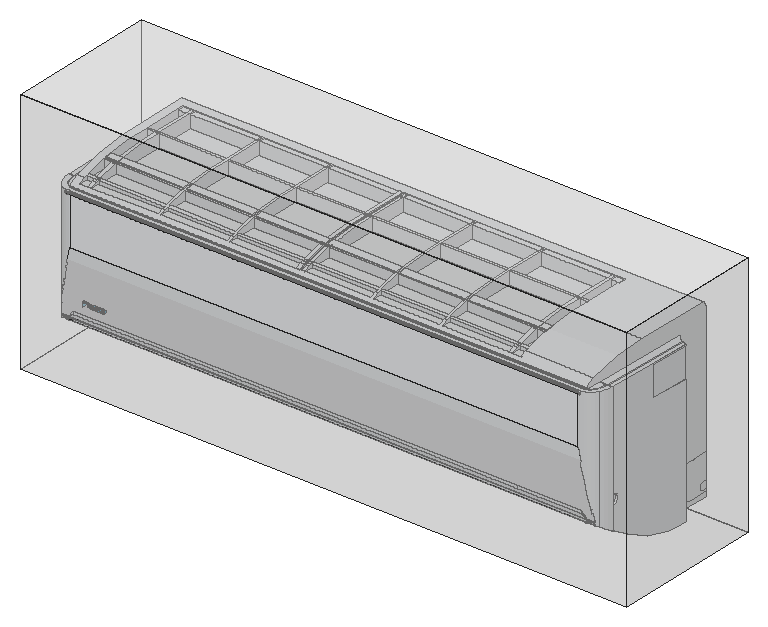
Revit family "outputfile", category 機械設備, Revit 2024
Family settings
  丸型コネクタ寸法 = 半径を使用
  パーツ タイプ = 標準
  OmniClass 番号 = 23.75.10.24.21.27.27
  OmniClass タイトル = Split System Air Conditioning Units
  作業面ベース = いいえ
  常に垂直 = はい
  ロード時にボイドで切り取り = いいえ
  注釈の向きを維持 = いいえ
  共有 = いいえ
  部屋計算ポイント = いいえ
Parameters (values of type "FXAQ32ARVM")
  書き出し IFC クラス(タイプ) = "IfcUnitaryEquipmentType"
  定義済み IFC タイプ(タイプ) = "AIRCONDITIONINGUNIT"
  switch_frequency = yes
  lh_powersupply = 55.0 mm  # constant formula
  製造元 = "Daikin"
  モデル = "FXAQ32ARVM"
  lh_drainpipe = 35.0 mm  # constant formula
  lh_liquidpipe = 40.0 mm  # constant formula
  lh_gaspipe = 20.0 mm  # constant formula
  r_Liquid Pipe Size = Liquid Pipe Size / 2  # 3.2 mm
  r_Gas Pipe Size = Gas Pipe Size / 2  # 6.35 mm
  r_Drain Pipe Size = Drain Pipe Size / 2  # 9.0 mm
  lw_powersupply [instance] = if(or(Left Connection_refrigerant, Right Connection_refrigerant), 464.5 mm, if(or(Bottom Left Connection_refrigerant, Rear Left Connection_refrigerant), 843.0 mm, 58.0 mm))  # 464.5 mm
  lw_liquidpipe [instance] = if(or(Left Connection_refrigerant, Right Connection_refrigerant), 490.0 mm, if(or(Bottom Left Connection_refrigerant, Rear Left Connection_refrigerant), 843.0 mm, 58.0 mm))  # 490.0 mm
  lw_gaspipe [instance] = if(or(Left Connection_refrigerant, Right Connection_refrigerant), 440.0 mm, if(or(Bottom Left Connection_refrigerant, Rear Left Connection_refrigerant), 858.0 mm, 73.0 mm))  # 440.0 mm
  lw_drainpipe [instance] = if(or(Left Connection_refrigerant, Right Connection_refrigerant), 570.0 mm, if(or(Bottom Left Connection_refrigerant, Rear Left Connection_refrigerant), 873.0 mm, 88.0 mm))  # 570.0 mm
  l_powersupply_length [instance] = if(Right Connection_refrigerant, 442.2 mm, if(Left Connection_refrigerant, 442.2 mm, if(or(Rear Left Connection_refrigerant, Rear Right Connection_refrigerant), 15.0 mm, 55.0 mm)))  # 442.2 mm
  l_liquidpipe_length [instance] = if(Left Connection_refrigerant, 416.4 mm, if(Right Connection_refrigerant, 467.4 mm, if(or(Bottom Left Connection_refrigerant, Bottom Right Connection_refrigerant), 40.0 mm, 35.0 mm)))  # 467.4 mm
  l_gaspipe_length [instance] = if(Left Connection_refrigerant, 466.4 mm, if(Right Connection_refrigerant, 417.4 mm, if(or(Bottom Left Connection_refrigerant, Bottom Right Connection_refrigerant), 20.0 mm, 35.0 mm)))  # 417.4 mm
  l_drainpipe_length [instance] = if(Left Connection_refrigerant, 336.7 mm, if(Right Connection_refrigerant, 547.7 mm, if(or(Bottom Left Connection_refrigerant, Bottom Right Connection_refrigerant), 30.0 mm, 15.0 mm)))  # 547.7 mm
  h*** = 0.0 mm  # constant formula
  connector_voltage = Voltage_50Hz  # 220 V
  connector_powerinput = if([Power Input (Cooling)] > [Power Input (Heating)], [Power Input (Cooling)], [Power Input (Heating)])  # 0.026 kW
  connector_phase = Phase_50Hz  # 1
  angle_vertical [instance] = if(or(Bottom Left Connection_refrigerant, Bottom Right Connection_refrigerant), 0.00°, 90.00°)  # 90.00°
  angle_horizontal [instance] = if(Right Connection_refrigerant, 90.00°, if(Left Connection_refrigerant, -90.00°, if(or(Rear Left Connection_refrigerant, Rear Right Connection_refrigerant), 180.00°, 0.00°)))  # 90.00°
  Width = 929.0 mm
  Voltage_comment_60Hz = "220-240"
  Voltage_comment_50Hz = "220-240"
  Voltage_60Hz = 220 V
  Voltage_50Hz = 220 V
  Version = "ver.1.0"
  Unit Type = "Wall Mounted"
  Unit Mass Weight = 13.00 kg
  Unit Designation [instance] = ""
  Uniclass2015Version = "Products v1.30"
  Uniclass2015Title = "Variable refrigerant flow units"
  Uniclass2015Code = "Pr_70_65_03_94"
  Total Heating Capacity [instance] = 0.000 kW
  Total Cooling Capacity [instance] = 0.000 kW
  Sound Pressure Level_L speed (dBA) = 31
  Sound Pressure Level_H speed (dBA) = 38
  Sound Power Level_H speed (dB) = 0
  Series = "VRV Fan Coil Unit"
  Sensible Cooling Capacity [instance] = 0.000 kW
  Refrigerant Type = "R410A"
  Power Input (Heating) = 0.026 kW
  Power Input (Cooling) = 0.021 kW
  Phase_60Hz = 1
  Phase_50Hz = 1
  Option Accessory 3 [instance] = ""
  Option Accessory 2 [instance] = ""
  Option Accessory 1 [instance] = ""
  Nominal Heating Capacity = 4.000 kW
  Nominal Cooling Capacity = 3.600 kW
  Minimum Circuit Amps_60Hz = 0.4 A
  Minimum Circuit Amps_50Hz = 0.4 A
  Minimum Airflow = 330.00 m³/h
  Maximum Fuse Amps_60Hz = 15.0 A
  Maximum Fuse Amps_50Hz = 15.0 A
  Maximum Airflow = 660.00 m³/h
  Material_Casing = DAIKIN_FreshWhite_Casing_indoorunit
  Load Classification = HVAC
  Liquid Pipe Size = 6.4 mm
  Link_Nested Family [instance] = ""
  IfcVersion = ""
  IfcExportType = "AIRCONDITIONINGUNIT"
  IfcExportAs = "IfcUnitaryEquipmentType"
  Height = 298.0 mm
  Heating Entering Wet Bulb Temperature [instance] = 0.00 °C
  Heating Entering Dry Bulb Temperature [instance] = 0.00 °C
  Heating Ambient Wet Bulb Temperature [instance] = 0.00 °C
  Heating Ambient Dry Bulb Temperature [instance] = 0.00 °C
  Heat Exchanger Type = "Cross Fin Coil"
  Gas Pipe Size = 12.7 mm
  Frequency_60Hz = 60 Hz
  Frequency_50Hz = 50 Hz
  Fan Type = "Cross Flow Fan"
  Fan Drive = "Direct Drive"
  FCU Tag No. [instance] = ""
  Drain Pipe Size = 18.0 mm
  Design Supply Airflow [instance] = 0.00 m³/h
  Depth = 258.0 mm
  既定の高さ = 0.0 mm
  Cooling Entering Wet Bulb Temperature [instance] = 0.00 °C
  Cooling Entering Dry Bulb Temperature [instance] = 0.00 °C
  Cooling Ambient Wet Bulb Temperature [instance] = 0.00 °C
  Cooling Ambient Dry Bulb Temperature [instance] = 0.00 °C
  Clearance visibility [instance] = yes
  Clearance Top = 90.0 mm
  Clearance Right = 50.0 mm
  Clearance Rear = 0.0 mm
  Clearance Left = 50.0 mm
  Clearance Front = 0.0 mm
  Clearance Bottom = 30.0 mm
  Bottom Right Connection_refrigerant [instance] = no
  Bottom Left Connection_refrigerant [instance] = no
  Rear Right Connection_refrigerant [instance] = no
  Rear Left Connection_refrigerant [instance] = no
  Right Connection_refrigerant [instance] = yes
  Left Connection_refrigerant [instance] = no
Reference planes
  plane 1 "Back": y = 0
  plane 2: z = 0
  plane 3 "Center (Left/Right)": x = 0
  plane 4 "Center (Front/Back)": y = -119
  plane 5: y = -238
  plane 6 "Left": x = -464.5
  plane 7 "Right": x = 464.5
  plane 8 "Top": z = 0
  plane 9: x = -514.5
  plane 10: x = 514.5
  plane 11: z = 90
  plane 12 "ld_drainpipe": y = -15
  plane 13: z = -284.5
  plane 14: z = -269.5
  plane 15: z = -251
  plane 16 "Clearance Bottom": z = -328
  plane 17: x = -105.5
  plane 18: x = -25.5
  plane 19: x = 24.5
  plane 20: x = 0
  plane 21 "Height": z = -298
  plane 22 "Front": y = -258
  plane 23: y = -35
  plane 24: y = -258
  plane 25: y = 0
Dimensions and locks
  equal spacing: plane 6 "Left", plane 3 "Center (Left/Right)", plane 7 "Right"
  "Width": plane 6 "Left" to plane 7 "Right"
  locked: plane 12 "ld_drainpipe" to plane 1 "Back" at 15
  "Clearance Left": plane 9 to plane 6 "Left"
  "Clearance Right": plane 7 "Right" to plane 10
  "Height": plane 8 "Top" to plane 21 "Height"
  "Depth": plane 22 "Front" to plane 1 "Back"
  locked: plane 23 to plane 1 "Back" at 35
  "lw_powersupply": plane 20 to plane 7 "Right"
  "lw_liquidpipe": plane 18 to plane 7 "Right"
  "lw_drainpipe": plane 17 to plane 7 "Right"
  "lw_gaspipe": plane 19 to plane 7 "Right"
  "Clearance Front": plane 22 "Front" to plane 24
  "Clearance Rear": plane 25 to plane 1 "Back"
  "Clearance Bottom": plane 21 "Height" to plane 16 "Clearance Bottom"
  "Clearance Top": plane 11 to plane 8 "Top"
  aligned and locked: level to plane 2
  aligned and locked: plane 9 to nested 1
  aligned and locked: plane 10 to nested 1
  aligned and locked: plane 11 to nested 1
  aligned and locked: nested 5 to plane 12 "ld_drainpipe"
  aligned and locked: level to plane 8 "Top"
  aligned and locked: plane 16 "Clearance Bottom" to nested 1
  aligned and locked: plane 17 to nested 4
  aligned and locked: plane 18 to nested 3
  aligned and locked: plane 19 to nested 2
  aligned and locked: plane 20 to nested 5
  aligned and locked: nested 2 to plane 23
  aligned and locked: nested 4 to plane 12 "ld_drainpipe"
  aligned and locked: nested 3 to plane 23
  aligned and locked: plane 24 to nested 1
  aligned and locked: nested 1 to plane 25
  aligned and locked: plane 1 "Back" to nested 6
  aligned and locked: plane 3 "Center (Left/Right)" to nested 6
Nested families
  nested 1: "daikin_clearancespace" at (0, -129, -118.881), show <- "Clearance visibility", visible <- "Clearance visibility", Link_Nested Family <- "Link_Nested Family", type "daikin_clearancespace"
    with width 1029.0 mm, show yes, height 418.0 mm, depth 258.0 mm, Link_Nested Family ""
  nested 2: "daikin_connector_rotate3" at (24.5, -35, -278), angle_vertical <- "angle_vertical", angle_horizontal <- "angle_horizontal", length <- "l_gaspipe_length", radius <- "r_Gas Pipe Size", built-in parameter 1001364 <- "lh_gaspipe", type "daikin_connector_rotate3"
    with show no, radius 6.35 mm, length 417.4 mm, angle_vertical 90.00°, angle_horizontal 90.00°
  nested 3: "daikin_connector_rotate3" at (-25.5, -35, -258), angle_vertical <- "angle_vertical", angle_horizontal <- "angle_horizontal", radius <- "r_Liquid Pipe Size", length <- "l_liquidpipe_length", built-in parameter 1001364 <- "lh_liquidpipe", type "daikin_connector_rotate3"
    with show no, radius 3.2 mm, length 467.4 mm, angle_vertical 90.00°, angle_horizontal 90.00°
  nested 4: "daikin_connector_rotate3" at (-105.5, -15, -263), angle_vertical <- "angle_vertical", angle_horizontal <- "angle_horizontal", length <- "l_drainpipe_length", radius <- "r_Drain Pipe Size", built-in parameter 1001364 <- "lh_drainpipe", type "daikin_connector_rotate3"
    with show no, radius 9.0 mm, length 547.7 mm, angle_vertical 90.00°, angle_horizontal 90.00°
  nested 5: "daikin_connector_rotate3" at (0, -15, -243), angle_vertical <- "angle_vertical", angle_horizontal <- "angle_horizontal", length <- "l_powersupply_length", built-in parameter 1001364 <- "lh_powersupply", type "daikin_connector_rotate3"
    with show no, radius 10.0 mm, length 442.2 mm, angle_vertical 90.00°, angle_horizontal 90.00°
  nested 6: "FXAQ-ARVM" at (0, 0, 0), type "FXAQ-ARVM"
Connectors
  electrical at (442.2, -15, -243), driven by "Load Classification", driven by "connector_voltage", driven by "connector_powerinput", driven by "connector_phase"
    settings: on nested 5, index 1, voltage 220 V, apparent load 26 VA, apparent load phase1 0 VA, apparent load phase2 0 VA, apparent load phase3 0 VA, power factor 1, load classification "HVAC", number of poles 1, system type 30, power factor state 1, is connector primary yes, connector utility no, sub classification motor no, connector description "Power Supply"
  piping at (442.2, -15, -263), diameter 18, driven by "r_Drain Pipe Size"
    settings: on nested 4, index 2, connector inside diameter 609.6 mm, connector length 0.0 mm, flow factor 0, pipe flow 0.00 m³/h, pressure drop 0.0 Pa, fitting loss kfactor 0, connector angle 0.00°, fixture units 0, engagement length 0.0 mm, angle of deflection 0.00°, flow configuration 1, flow direction 2, fitting loss method 4, system type 16, joint type 0, gender type 0, connector reference index -1, connector utility 0, adjustable connector no, is connector primary yes, connector description "Condensate Drain Piping"
  piping at (441.9, -35, -278), diameter 12.7, driven by "r_Gas Pipe Size"
    settings: on nested 2, index 3, connector inside diameter 609.6 mm, connector length 0.0 mm, flow factor 0, pipe flow 0.00 m³/h, pressure drop 0.0 Pa, fitting loss kfactor 0, connector angle 0.00°, fixture units 0, engagement length 0.0 mm, angle of deflection 0.00°, flow configuration 1, flow direction 2, fitting loss method 0, system type 29, joint type 0, gender type 0, connector reference index -1, connector utility 0, adjustable connector no, is connector primary no, connector description "Refrigerant Gas Piping"
  piping at (441.9, -35, -258), diameter 6.4, driven by "r_Liquid Pipe Size"
    settings: on nested 3, index 4, connector inside diameter 609.6 mm, connector length 0.0 mm, flow factor 0, pipe flow 0.00 m³/h, pressure drop 0.0 Pa, fitting loss kfactor 0, connector angle 0.00°, fixture units 0, engagement length 0.0 mm, angle of deflection 0.00°, flow configuration 1, flow direction 1, fitting loss method 0, system type 29, joint type 0, gender type 0, connector reference index -1, connector utility 0, adjustable connector no, is connector primary no, connector description "Refrigerant Liquid Piping"
Definition of nested family "daikin_clearancespace"
  Parameters (values of type "daikin_clearancespace")
    Description = "daikin_clearancespace"
    width [instance] = 1823.963 mm
    show [instance] = yes
    material = none
    height [instance] = 1359.762 mm
    depth [instance] = 880.0 mm
    Default Elevation = 0.0 mm
    Link_Nested Family [instance] = ""
  Reference planes
    plane 1 "Center (Front/Back)": y = 0
    plane 2 "Center (Elevation)": z = -0.119
    plane 3 "Center (Left/Right)": x = 0
    plane 4: y = 440
    plane 5: y = -440
    plane 6 "Right": x = 911.982
    plane 7 "Left": x = -911.982
    plane 8 "Top": z = 679.762
    plane 9 "Bottom": z = -680
  Forms (mm)
    Extrusion 1, solid, material <- "material", visible <- "show"
      sketch origin (0, 0, 0) x (1, 0, 0) y (0, 1, 0)
        loop
          line (-911.982, 440) -> (-911.982, -440) -> (911.982, -440) -> (911.982, 440) -> (-911.982, 440)
      from -680 to 679.762
  Lines and regions (mm)
    symbolic lines, visible <- "show"
      curve 1: line (911.982, 440, 0) -> (-911.982, 440, 0)
      curve 2: line (-911.982, 440, 0) -> (-911.982, -440, 0)
      curve 3: line (-911.982, -440, 0) -> (911.982, -440, 0)
      curve 4: line (911.982, -440, 0) -> (911.982, 440, 0)
      curve 5: line (911.982, 0, 679.762) -> (-911.982, 0, 679.762)
      curve 6: line (911.982, 0, -680) -> (911.982, 0, 679.762)
      curve 7: line (-911.982, 0, -680) -> (911.982, 0, -680)
      curve 8: line (-911.982, 0, 679.762) -> (-911.982, 0, -680)
      curve 9: line (0, 440, 679.762) -> (0, -440, 679.762)
      curve 10: line (0, -440, 679.762) -> (0, -440, -680)
      curve 11: line (0, 440, -680) -> (0, 440, 679.762)
      curve 12: line (0, -440, -680) -> (0, 440, -680)
  Dimensions and locks
    "width": plane 7 "Left" to plane 6 "Right"
    "depth": plane 4 to plane 5
    "height": plane 8 "Top" to plane 9 "Bottom"
    equal spacing: plane 7 "Left", plane 3 "Center (Left/Right)", plane 6 "Right"
    equal spacing: plane 4, plane 1 "Center (Front/Back)", plane 5
    equal spacing: plane 8 "Top", plane 2 "Center (Elevation)", plane 9 "Bottom"
    aligned and locked: level to plane 2 "Center (Elevation)"
    aligned and locked: Extrusion 1 sketch curve to plane 4
    aligned and locked: plane 7 "Left" to Extrusion 1 sketch curve
    aligned and locked: Extrusion 1 sketch curve to plane 5
    aligned and locked: Extrusion 1 sketch curve to plane 6 "Right"
    aligned and locked: plane 8 "Top" to Extrusion 1
    aligned and locked: curve 1 to Extrusion 1
    aligned and locked: curve 2 to Extrusion 1
    aligned and locked: curve 3 to Extrusion 1
    aligned and locked: curve 4 to Extrusion 1
    aligned and locked: curve 5 to Extrusion 1
    aligned and locked: curve 6 to Extrusion 1
    aligned and locked: curve 7 to Extrusion 1
    aligned and locked: curve 8 to Extrusion 1
    aligned and locked: curve 9 to Extrusion 1
    aligned and locked: curve 10 to Extrusion 1
    aligned and locked: curve 11 to Extrusion 1
    aligned and locked: curve 12 to Extrusion 1
    aligned and locked: Extrusion 1 to plane 9 "Bottom"
Definition of nested family "FXAQ-ARVM"
  Parameters (values of type "FXAQ-ARVM")
    Width = 929.0 mm
    Material_Casing = none
    Default Elevation = 0.0 mm
  Reference planes
    plane 1 "Center (Front/Back)": y = 0
    plane 2 "reference_level": z = 0
    plane 3 "Center (Left/Right)": x = 0
  Forms (mm)
    Extrusion 1, solid, material <- "Material_Casing"
      sketch origin (37.5, 0, 0) x (1, 0, 0) y (0, 0, 1)
        loop
          circle (357, -249) r 40
        loop
          circle (-428, -250) r 40
      from 0 to 5
    Extrusion 2, solid, material <- "Material_Casing"
      sketch origin (-525, 1296.25, 1200) x (0, 1, 0) y (0, 0, 1)
        loop
          line (-1542.822, -1430.612) -> (-1517.25, -1446.105) -> (-1517.25, -1228.309)
          arc (-1517.25, -1228.309) -> (-1517.546, -1227.599) -> (-1518.259, -1227.309) r 1
          line (-1518.259, -1227.309) -> (-1553.177, -1227.614)
          arc (-1553.177, -1227.614) -> (-1553.593, -1227.787) -> (-1553.771, -1228.201) r 0.6
          line (-1553.771, -1228.201) -> (-1553.814, -1230.3) -> (-1552.816, -1230.309) -> (-1552.852, -1232.291) -> (-1554.25, -1232.303) -> (-1554.25, -1313.777)
          arc (-1554.25, -1313.777) -> (-1551.733, -1369.498) -> (-1544.203, -1424.766) r 618.013
          line (-1544.203, -1424.766) -> (-1543.119, -1425.138) -> (-1542.798, -1426.992) -> (-1543.814, -1426.992) -> (-1543.288, -1429.932)
          arc (-1543.288, -1429.932) -> (-1543.128, -1430.322) -> (-1542.822, -1430.612) r 1
      from 60.5 to 989.5
    Extrusion 3, void
      sketch origin (-525, 1296.25, 1200) x (0, 1, 0) y (0, 0, 1)
        loop
          arc (-1489.957, -1468.485) -> (-1468.343, -1480.342) -> (-1445.644, -1489.96) r 244.307
          arc (-1445.644, -1489.96) -> (-1423.667, -1496.837) -> (-1401.141, -1501.621) r 244.995
          arc (-1401.141, -1501.621) -> (-1397.468, -1502.156) -> (-1393.777, -1502.56) r 104.996
          line (-1393.777, -1502.56) -> (-1391.536, -1481.238)
          arc (-1391.536, -1481.238) -> (-1392.885, -1481.047) -> (-1394.231, -1480.837) r 94.996
          arc (-1394.231, -1480.837) -> (-1415.837, -1476.248) -> (-1436.917, -1469.651) r 234.995
          arc (-1436.917, -1469.651) -> (-1458.423, -1460.555) -> (-1478.917, -1449.363) r 234.307
          line (-1478.917, -1449.363) -> (-1489.957, -1468.485)
      from 129 to 821
    Extrusion 4, void
      sketch origin (-610.615, -1524, -240) x (-1, 0, 0) y (0, -1, 0)
        loop
          line (-317.415, -1501.5) -> (-184.115, -1501.5) -> (-184.115, -1427.5) -> (-317.415, -1427.5) -> (-317.415, -1501.5)
        loop
          line (-434.415, -1501.5) -> (-321.415, -1501.5) -> (-321.415, -1427.5) -> (-434.415, -1427.5) -> (-434.415, -1501.5)
        loop
          line (-557.415, -1501.5) -> (-438.415, -1501.5) -> (-438.415, -1427.5) -> (-557.415, -1427.5) -> (-557.415, -1501.5)
        loop
          line (-678.815, -1501.5) -> (-559.815, -1501.5) -> (-559.815, -1427.5) -> (-678.815, -1427.5) -> (-678.815, -1501.5)
        loop
          line (-795.815, -1501.5) -> (-682.815, -1501.5) -> (-682.815, -1427.5) -> (-795.815, -1427.5) -> (-795.815, -1501.5)
        loop
          line (-933.115, -1501.5) -> (-799.815, -1501.5) -> (-799.815, -1427.5) -> (-933.115, -1427.5) -> (-933.115, -1501.5)
        loop
          line (-317.415, -1423.5) -> (-184.115, -1423.5) -> (-184.115, -1336.5) -> (-317.415, -1336.5) -> (-317.415, -1423.5)
        loop
          line (-434.415, -1423.5) -> (-321.415, -1423.5) -> (-321.415, -1336.5) -> (-434.415, -1336.5) -> (-434.415, -1423.5)
        loop
          line (-557.415, -1423.5) -> (-438.415, -1423.5) -> (-438.415, -1336.5) -> (-557.415, -1336.5) -> (-557.415, -1423.5)
        loop
          line (-678.815, -1423.5) -> (-559.815, -1423.5) -> (-559.815, -1336.5) -> (-678.815, -1336.5) -> (-678.815, -1423.5)
        loop
          line (-795.815, -1423.5) -> (-682.815, -1423.5) -> (-682.815, -1336.5) -> (-795.815, -1336.5) -> (-795.815, -1423.5)
        loop
          line (-933.115, -1423.5) -> (-799.815, -1423.5) -> (-799.815, -1336.5) -> (-933.115, -1336.5) -> (-933.115, -1423.5)
        loop
          line (-317.415, -1332.5) -> (-184.115, -1332.5) -> (-184.115, -1300.5) -> (-317.415, -1300.5) -> (-317.415, -1332.5)
        loop
          line (-434.415, -1332.5) -> (-321.415, -1332.5) -> (-321.415, -1300.5) -> (-434.415, -1300.5) -> (-434.415, -1332.5)
        loop
          line (-557.415, -1332.5) -> (-438.415, -1332.5) -> (-438.415, -1300.5) -> (-557.415, -1300.5) -> (-557.415, -1332.5)
        loop
          line (-678.815, -1332.5) -> (-559.815, -1332.5) -> (-559.815, -1300.5) -> (-678.815, -1300.5) -> (-678.815, -1332.5)
        loop
          line (-795.815, -1332.5) -> (-682.815, -1332.5) -> (-682.815, -1300.5) -> (-795.815, -1300.5) -> (-795.815, -1332.5)
        loop
          line (-933.115, -1332.5) -> (-799.815, -1332.5) -> (-799.815, -1300.5) -> (-933.115, -1300.5) -> (-933.115, -1332.5)
        loop
          line (-317.415, -1296.5) -> (-184.115, -1296.5) -> (-184.115, -1273.985) -> (-317.415, -1273.985) -> (-317.415, -1296.5)
        loop
          line (-434.415, -1296.5) -> (-321.415, -1296.5) -> (-321.415, -1273.985) -> (-434.415, -1273.985) -> (-434.415, -1296.5)
        loop
          line (-557.415, -1296.5) -> (-438.415, -1296.5) -> (-438.415, -1273.985) -> (-557.415, -1273.985) -> (-557.415, -1296.5)
        loop
          line (-678.815, -1296.5) -> (-559.815, -1296.5) -> (-559.815, -1273.985) -> (-678.815, -1273.985) -> (-678.815, -1296.5)
        loop
          line (-795.815, -1296.5) -> (-682.815, -1296.5) -> (-682.815, -1273.985) -> (-795.815, -1273.985) -> (-795.815, -1296.5)
        loop
          line (-933.115, -1296.5) -> (-799.815, -1296.5) -> (-799.815, -1273.985) -> (-933.115, -1273.985) -> (-933.115, -1296.5)
      from 218.718 to 250
    Extrusion 5, solid, material <- "Material_Casing"
      sketch origin (31, 0, 0) x (0, 1, 0) y (0, 0, 1)
        loop
          arc (-133, 0) -> (-183.089, -4.257) -> (-231.74, -16.907) r 296.792
          arc (-231.74, -16.907) -> (-240.035, -20.716) -> (-247.498, -25.97) r 50
          line (-247.498, -25.97) -> (-247.498, -27.531) -> (-221, -27.3) -> (-221, -28.237) -> (-220, -28.237) -> (-220, -245.585)
          arc (-220, -245.585) -> (-219.743, -246.566) -> (-219.036, -247.295) r 2
          line (-219.036, -247.295) -> (-215.453, -249.466) -> (-189.599, -265.136)
          arc (-189.599, -265.136) -> (-169.128, -276.22) -> (-147.677, -285.263) r 239.307
          arc (-147.677, -285.263) -> (-126.149, -292) -> (-104.083, -296.687) r 239.995
          arc (-104.083, -296.687) -> (-96.033, -297.671) -> (-87.93, -298) r 99.996
          line (-87.93, -298) -> (0, -298) -> (0, -8.5) -> (-5, 0) -> (-133, 0)
      from -495.5 to 433.5
    Extrusion 6, void
      sketch origin (0, 0, 0) x (1, 0, 0) y (0, 1, 0)
        loop
          arc (-464.5, -69.996) -> (-451.865, -64.288) -> (-441.567, -55.003) r 45.003
          line (-441.567, -55.003) -> (-442.5, 0) -> (-464.5, 0) -> (-464.5, -69.996)
        loop
          line (464.5, -69.996) -> (464.5, 0) -> (442.5, 0) -> (441.567, -55.003)
          arc (441.567, -55.003) -> (451.865, -64.288) -> (464.5, -69.996) r 45.003
      from -350.147 to 42.558
    Extrusion 7, solid, material <- "Material_Casing"
      sketch origin (464.482, 1296.064, 1192) x (-0.016958, -0.999856, 0) y (0, 0, 1)
        loop
          line (1326.25, -1422) -> (1296.25, -1422) -> (1296.25, -1465) -> (1302.753, -1465)
          spline (1302.753, -1465) -> (1304.435, -1465.221) -> (1306.003, -1465.871) -> (1307.349, -1466.904) -> (1308.382, -1468.25) -> (1309.031, -1469.818) -> (1309.252, -1471.5) -> (1309.031, -1473.182) -> (1308.382, -1474.75) -> (1307.349, -1476.096) -> (1306.003, -1477.129) -> (1304.435, -1477.779) -> (1302.753, -1478)
          line (1302.753, -1478) -> (1296.25, -1478) -> (1296.25, -1482) -> (1326.25, -1482)
          arc (1326.25, -1482) -> (1340.393, -1476.142) -> (1346.25, -1462) r 20
          line (1346.25, -1462) -> (1346.25, -1442)
          arc (1346.25, -1442) -> (1340.393, -1427.858) -> (1326.25, -1422) r 20
      from 0 to 5
    Extrusion 8, solid, material <- "Material_Casing"
      sketch origin (-464.482, 1296.064, 1192) x (-0.016958, 0.999856, 0) y (0, 0, 1)
        loop
          line (-1296.25, -1422) -> (-1326.25, -1422)
          arc (-1326.25, -1422) -> (-1340.393, -1427.858) -> (-1346.25, -1442) r 20
          line (-1346.25, -1442) -> (-1346.25, -1462)
          arc (-1346.25, -1462) -> (-1340.393, -1476.142) -> (-1326.25, -1482) r 20
          line (-1326.25, -1482) -> (-1296.25, -1482) -> (-1296.25, -1478) -> (-1302.753, -1478)
          spline (-1302.753, -1478) -> (-1304.435, -1477.779) -> (-1306.003, -1477.129) -> (-1307.349, -1476.096) -> (-1308.382, -1474.75) -> (-1309.031, -1473.182) -> (-1309.252, -1471.5) -> (-1309.031, -1469.818) -> (-1308.382, -1468.25) -> (-1307.349, -1466.904) -> (-1306.003, -1465.871) -> (-1304.435, -1465.221) -> (-1302.753, -1465)
          line (-1302.753, -1465) -> (-1296.25, -1465) -> (-1296.25, -1422)
      from 0 to 5
    Extrusion 9, void
      sketch origin (0, 0, 0) x (1, 0, 0) y (0, 1, 0)
        loop
          arc (451.583, -220.532) -> (450.652, -229.688) -> (447.774, -238.43) r 42.574
          arc (447.774, -238.43) -> (440.881, -246.096) -> (430.995, -249.015) r 18.939
          line (430.995, -249.015) -> (322.5, -249.015) -> (-430.995, -249.015)
          arc (-430.995, -249.015) -> (-440.881, -246.096) -> (-447.774, -238.43) r 18.939
          arc (-447.774, -238.43) -> (-450.652, -229.688) -> (-451.583, -220.532) r 42.574
          line (-451.583, -220.532) -> (-455.638, -65.672)
          arc (-455.638, -65.672) -> (-456.13, -65.926) -> (-456.626, -66.174) r 45.003
          line (-456.626, -66.174) -> (-452.526, -222.254)
          arc (-452.526, -222.254) -> (-451.441, -230.753) -> (-448.676, -238.863) r 42.58
          arc (-448.676, -238.863) -> (-441.392, -246.902) -> (-431, -250.015) r 20.209
          line (-431, -250.015) -> (431, -250.015)
          arc (431, -250.015) -> (441.392, -246.902) -> (448.676, -238.863) r 20.209
          arc (448.676, -238.863) -> (451.441, -230.753) -> (452.539, -222.254) r 42.58
          line (452.539, -222.254) -> (456.626, -66.151)
          arc (456.626, -66.151) -> (456.131, -65.903) -> (455.639, -65.649) r 45.003
          line (455.639, -65.649) -> (451.583, -220.532)
      from -514.227 to 32.749
    Extrusion 10, void
      sketch origin (0, 0, 0) x (1, 0, 0) y (0, 1, 0)
        loop
          arc (-430.764, -258.014) -> (-445.174, -254.026) -> (-455.485, -243.197) r 28.031
          arc (-455.485, -243.197) -> (-459.127, -232.113) -> (-460.561, -220.535) r 60.175
          line (-460.561, -220.535) -> (-464.5, -69.996) -> (-499.5, -69.996) -> (-499.5, -354.996) -> (499.5, -354.996) -> (499.5, -69.996) -> (464.5, -69.996) -> (460.598, -220.541)
          arc (460.598, -220.541) -> (459.601, -231.543) -> (456.08, -242.014) r 47.329
          arc (456.08, -242.014) -> (445.774, -253.677) -> (430.826, -258.014) r 27.93
          line (430.826, -258.014) -> (-430.764, -258.014)
      from -1033.399 to 0
    Extrusion 11, void
      sketch origin (0, 0, 0) x (1, 0, 0) y (0, 1, 0)
        loop
          arc (-455.485, -243.197) -> (-459.291, -232.263) -> (-460.562, -220.754) r 51.556
          line (-460.562, -220.754) -> (-492.49, -141.73) -> (-492.49, -316.73) -> (492.49, -316.73) -> (492.49, -141.73) -> (460.599, -220.663)
          arc (460.599, -220.663) -> (459.482, -231.58) -> (456.08, -242.014) r 51.576
          arc (456.08, -242.014) -> (445.844, -253.621) -> (431, -258) r 27.939
          line (431, -258) -> (-431, -258)
          arc (-431, -258) -> (-445.281, -253.971) -> (-455.485, -243.197) r 27.939
      from -354.312 to 0
    Extrusion 12, void
      sketch origin (0, 0, 0) x (1, 0, 0) y (0, 1, 0)
        loop
          line (435.004, -431) -> (510.5, -431) -> (510.5, 78.522) -> (443.898, 78.522) -> (435.004, -431)
      from -28.941 to 250
    Extrusion 13, void
      sketch origin (0, 0, 0) x (1, 0, 0) y (0, 1, 0)
        loop
          line (-438.024, -258) -> (-442.527, 0) -> (-469.5, 0) -> (-469.5, -258) -> (-438.024, -258)
      from -27.788 to 250
    Extrusion 14, solid, material <- "Material_Casing"
      sketch origin (31, 0, 0) x (0, 1, 0) y (0, 0, 1)
        loop
          arc (-175.5, -3.059) -> (-181.51, -3.991) -> (-187.5, -5.047) r 296.792
          line (-187.5, -5.047) -> (-187.5, -28.237) -> (-175.5, -28.237) -> (-175.5, -3.059)
        loop
          line (-33.5, 0) -> (-33.5, -28.237) -> (-22.5, -28.237) -> (-22.5, 0) -> (-33.5, 0)
      from -457.5 to -324.2
    Extrusion 15, solid, material <- "Material_Casing"
      sketch origin (384, 0, 0) x (0, 1, 0) y (0, 0, 1)
        loop
          arc (-175.5, -3.059) -> (-181.51, -3.991) -> (-187.5, -5.047) r 296.792
          line (-187.5, -5.047) -> (-187.5, -28.237) -> (-175.5, -28.237) -> (-175.5, -3.059)
        loop
          line (-33.5, 0) -> (-33.5, -28.237) -> (-22.5, -28.237) -> (-22.5, 0) -> (-33.5, 0)
      from -556.2 to -437.2
    Extrusion 16, solid, material <- "Material_Casing"
      sketch origin (392.4, 0, 0) x (0, 1, 0) y (0, 0, 1)
        loop
          arc (-175.5, -3.059) -> (-181.51, -3.991) -> (-187.5, -5.047) r 296.792
          line (-187.5, -5.047) -> (-187.5, -28.237) -> (-175.5, -28.237) -> (-175.5, -3.059)
        loop
          line (-33.5, 0) -> (-33.5, -28.237) -> (-22.5, -28.237) -> (-22.5, 0) -> (-33.5, 0)
      from -443.2 to -324.2
    Extrusion 17, solid, material <- "Material_Casing"
      sketch origin (745.4, 0, 0) x (0, 1, 0) y (0, 0, 1)
        loop
          arc (-175.5, -3.059) -> (-181.51, -3.991) -> (-187.5, -5.047) r 296.792
          line (-187.5, -5.047) -> (-187.5, -28.237) -> (-175.5, -28.237) -> (-175.5, -3.059)
        loop
          line (-33.5, 0) -> (-33.5, -28.237) -> (-22.5, -28.237) -> (-22.5, 0) -> (-33.5, 0)
      from -556.2 to -422.9
    Extrusion 18, solid, material <- "Material_Casing"
      sketch origin (628.4, 0, 0) x (0, 1, 0) y (0, 0, 1)
        loop
          arc (-175.5, -3.059) -> (-181.51, -3.991) -> (-187.5, -5.047) r 296.792
          line (-187.5, -5.047) -> (-187.5, -28.237) -> (-175.5, -28.237) -> (-175.5, -3.059)
        loop
          line (-33.5, 0) -> (-33.5, -28.237) -> (-22.5, -28.237) -> (-22.5, 0) -> (-33.5, 0)
      from -556.2 to -443.2
    Extrusion 19, solid, material <- "Material_Casing"
      sketch origin (267, 0, 0) x (0, 1, 0) y (0, 0, 1)
        loop
          arc (-175.5, -3.059) -> (-181.51, -3.991) -> (-187.5, -5.047) r 296.792
          line (-187.5, -5.047) -> (-187.5, -28.237) -> (-175.5, -28.237) -> (-175.5, -3.059)
        loop
          line (-33.5, 0) -> (-33.5, -28.237) -> (-22.5, -28.237) -> (-22.5, 0) -> (-33.5, 0)
      from -556.2 to -443.2
    Extrusion 20, solid, material <- "Material_Casing"
      sketch origin (31, 0, 0) x (0, 1, 0) y (0, 0, 1)
        loop
          line (-22.5, 0) -> (-96.5, 0) -> (-96.5, -27.3) -> (-22.5, -27.3) -> (-22.5, 0)
        loop
          spline (-133.001, 0) -> (-137.568, -0.035) -> (-142.135, -0.141) -> (-146.699, -0.316) -> (-151.259, -0.562) -> (-155.816, -0.878) -> (-160.367, -1.264) -> (-164.912, -1.721) -> (-169.449, -2.247) -> (-173.977, -2.842) -> (-178.496, -3.508) -> (-183.004, -4.243) -> (-187.5, -5.047)
          line (-187.5, -5.047) -> (-187.5, -27.3) -> (-100.5, -27.3) -> (-100.5, 0) -> (-133.001, 0)
        loop
          line (-223.5, -14.134) -> (-223.5, -27.3) -> (-191.5, -27.3) -> (-191.5, -5.822)
          spline (-191.5, -5.822) -> (-194.2, -6.378) -> (-196.895, -6.959) -> (-199.584, -7.565) -> (-202.267, -8.196) -> (-204.945, -8.852) -> (-207.616, -9.532) -> (-210.281, -10.238) -> (-212.939, -10.968) -> (-215.59, -11.723) -> (-218.234, -12.502) -> (-220.871, -13.306) -> (-223.5, -14.134)
        loop
          spline (-227.5, -15.446) -> (-227.854, -15.565) -> (-228.208, -15.685) -> (-228.562, -15.805) -> (-228.916, -15.926) -> (-229.269, -16.047) -> (-229.623, -16.168) -> (-229.976, -16.29) -> (-230.329, -16.412) -> (-230.682, -16.535) -> (-231.035, -16.658) -> (-231.387, -16.782) -> (-231.74, -16.906)
          arc (-231.74, -16.906) -> (-236.479, -18.856) -> (-240.994, -21.282) r 50
          line (-240.994, -21.282) -> (-227.5, -21.282) -> (-227.5, -15.446)
      from -443.2 to -437.2
    Extrusion 21, solid, material <- "Material_Casing"
      sketch origin (384, 0, 0) x (0, 1, 0) y (0, 0, 1)
        loop
          line (-22.5, 0) -> (-96.5, 0) -> (-96.5, -27.3) -> (-22.5, -27.3) -> (-22.5, 0)
        loop
          spline (-133.001, 0) -> (-137.568, -0.035) -> (-142.135, -0.141) -> (-146.699, -0.316) -> (-151.259, -0.562) -> (-155.816, -0.878) -> (-160.367, -1.264) -> (-164.912, -1.721) -> (-169.449, -2.247) -> (-173.977, -2.842) -> (-178.496, -3.508) -> (-183.004, -4.243) -> (-187.5, -5.047)
          line (-187.5, -5.047) -> (-187.5, -27.3) -> (-100.5, -27.3) -> (-100.5, 0) -> (-133.001, 0)
        loop
          line (-223.5, -14.134) -> (-223.5, -27.3) -> (-191.5, -27.3) -> (-191.5, -5.822)
          spline (-191.5, -5.822) -> (-194.2, -6.378) -> (-196.895, -6.959) -> (-199.584, -7.565) -> (-202.267, -8.196) -> (-204.945, -8.852) -> (-207.616, -9.532) -> (-210.281, -10.238) -> (-212.939, -10.968) -> (-215.59, -11.723) -> (-218.234, -12.502) -> (-220.871, -13.306) -> (-223.5, -14.134)
        loop
          spline (-227.5, -15.446) -> (-227.854, -15.565) -> (-228.208, -15.685) -> (-228.562, -15.805) -> (-228.916, -15.926) -> (-229.269, -16.047) -> (-229.623, -16.168) -> (-229.976, -16.29) -> (-230.329, -16.412) -> (-230.682, -16.535) -> (-231.035, -16.658) -> (-231.387, -16.782) -> (-231.74, -16.906)
          arc (-231.74, -16.906) -> (-236.479, -18.856) -> (-240.994, -21.282) r 50
          line (-240.994, -21.282) -> (-227.5, -21.282) -> (-227.5, -15.446)
      from -443.2 to -437.2
    Extrusion 22, solid, material <- "Material_Casing"
      sketch origin (392.4, 0, 0) x (0, 1, 0) y (0, 0, 1)
        loop
          line (-22.5, 0) -> (-96.5, 0) -> (-96.5, -27.3) -> (-22.5, -27.3) -> (-22.5, 0)
        loop
          spline (-133.001, 0) -> (-137.568, -0.035) -> (-142.135, -0.141) -> (-146.699, -0.316) -> (-151.259, -0.562) -> (-155.816, -0.878) -> (-160.367, -1.264) -> (-164.912, -1.721) -> (-169.449, -2.247) -> (-173.977, -2.842) -> (-178.496, -3.508) -> (-183.004, -4.243) -> (-187.5, -5.047)
          line (-187.5, -5.047) -> (-187.5, -27.3) -> (-100.5, -27.3) -> (-100.5, 0) -> (-133.001, 0)
        loop
          line (-223.5, -14.134) -> (-223.5, -27.3) -> (-191.5, -27.3) -> (-191.5, -5.822)
          spline (-191.5, -5.822) -> (-194.2, -6.378) -> (-196.895, -6.959) -> (-199.584, -7.565) -> (-202.267, -8.196) -> (-204.945, -8.852) -> (-207.616, -9.532) -> (-210.281, -10.238) -> (-212.939, -10.968) -> (-215.59, -11.723) -> (-218.234, -12.502) -> (-220.871, -13.306) -> (-223.5, -14.134)
        loop
          spline (-227.5, -15.446) -> (-227.854, -15.565) -> (-228.208, -15.685) -> (-228.562, -15.805) -> (-228.916, -15.926) -> (-229.269, -16.047) -> (-229.623, -16.168) -> (-229.976, -16.29) -> (-230.329, -16.412) -> (-230.682, -16.535) -> (-231.035, -16.658) -> (-231.387, -16.782) -> (-231.74, -16.906)
          arc (-231.74, -16.906) -> (-236.479, -18.856) -> (-240.994, -21.282) r 50
          line (-240.994, -21.282) -> (-227.5, -21.282) -> (-227.5, -15.446)
      from -443.2 to -437.2
    Extrusion 23, solid, material <- "Material_Casing"
      sketch origin (745.4, 0, 0) x (0, 1, 0) y (0, 0, 1)
        loop
          line (-22.5, 0) -> (-96.5, 0) -> (-96.5, -27.3) -> (-22.5, -27.3) -> (-22.5, 0)
        loop
          spline (-133.001, 0) -> (-137.568, -0.035) -> (-142.135, -0.141) -> (-146.699, -0.316) -> (-151.259, -0.562) -> (-155.816, -0.878) -> (-160.367, -1.264) -> (-164.912, -1.721) -> (-169.449, -2.247) -> (-173.977, -2.842) -> (-178.496, -3.508) -> (-183.004, -4.243) -> (-187.5, -5.047)
          line (-187.5, -5.047) -> (-187.5, -27.3) -> (-100.5, -27.3) -> (-100.5, 0) -> (-133.001, 0)
        loop
          line (-223.5, -14.134) -> (-223.5, -27.3) -> (-191.5, -27.3) -> (-191.5, -5.822)
          spline (-191.5, -5.822) -> (-194.2, -6.378) -> (-196.895, -6.959) -> (-199.584, -7.565) -> (-202.267, -8.196) -> (-204.945, -8.852) -> (-207.616, -9.532) -> (-210.281, -10.238) -> (-212.939, -10.968) -> (-215.59, -11.723) -> (-218.234, -12.502) -> (-220.871, -13.306) -> (-223.5, -14.134)
        loop
          spline (-227.5, -15.446) -> (-227.854, -15.565) -> (-228.208, -15.685) -> (-228.562, -15.805) -> (-228.916, -15.926) -> (-229.269, -16.047) -> (-229.623, -16.168) -> (-229.976, -16.29) -> (-230.329, -16.412) -> (-230.682, -16.535) -> (-231.035, -16.658) -> (-231.387, -16.782) -> (-231.74, -16.906)
          arc (-231.74, -16.906) -> (-236.479, -18.856) -> (-240.994, -21.282) r 50
          line (-240.994, -21.282) -> (-227.5, -21.282) -> (-227.5, -15.446)
      from -443.2 to -437.2
    Extrusion 24, solid, material <- "Material_Casing"
      sketch origin (-525, 1301.456, 1185.983) x (0, 1, 0) y (0, 0, 1)
        loop
          line (-1490.365, -1448.375) -> (-1491.955, -1450.92)
          arc (-1491.955, -1450.92) -> (-1471.02, -1462.298) -> (-1449.069, -1471.566) r 242.307
          arc (-1449.069, -1471.566) -> (-1427.272, -1478.388) -> (-1404.93, -1483.133) r 242.995
          arc (-1404.93, -1483.133) -> (-1402.218, -1483.539) -> (-1399.497, -1483.874) r 102.996
          line (-1399.497, -1483.874) -> (-1399.183, -1480.89)
          arc (-1399.183, -1480.89) -> (-1401.819, -1480.566) -> (-1404.446, -1480.172) r 99.996
          arc (-1404.446, -1480.172) -> (-1426.511, -1475.486) -> (-1448.04, -1468.748) r 239.995
          arc (-1448.04, -1468.748) -> (-1469.704, -1459.603) -> (-1490.365, -1448.375) r 239.307
      from 135 to 817
    Extrusion 25, solid, material <- "Material_Casing"
      sketch origin (-525, 1301.456, 1185.983) x (0, 1, 0) y (0, 0, 1)
        loop
          line (-1490.365, -1448.375) -> (-1491.955, -1450.92)
          arc (-1491.955, -1450.92) -> (-1471.02, -1462.298) -> (-1449.069, -1471.566) r 242.307
          arc (-1449.069, -1471.566) -> (-1427.272, -1478.388) -> (-1404.93, -1483.133) r 242.995
          arc (-1404.93, -1483.133) -> (-1402.218, -1483.539) -> (-1399.497, -1483.874) r 102.996
          line (-1399.497, -1483.874) -> (-1399.183, -1480.89)
          arc (-1399.183, -1480.89) -> (-1401.819, -1480.566) -> (-1404.446, -1480.172) r 99.996
          arc (-1404.446, -1480.172) -> (-1426.511, -1475.486) -> (-1448.04, -1468.748) r 239.995
          arc (-1448.04, -1468.748) -> (-1469.704, -1459.603) -> (-1490.365, -1448.375) r 239.307
      from 129 to 133
    Extrusion 26, solid, material <- "Material_Casing"
      sketch origin (163, 1301.456, 1185.983) x (0, 1, 0) y (0, 0, 1)
        loop
          line (-1490.365, -1448.375) -> (-1491.955, -1450.92)
          arc (-1491.955, -1450.92) -> (-1471.02, -1462.298) -> (-1449.069, -1471.566) r 242.307
          arc (-1449.069, -1471.566) -> (-1427.272, -1478.388) -> (-1404.93, -1483.133) r 242.995
          arc (-1404.93, -1483.133) -> (-1402.218, -1483.539) -> (-1399.497, -1483.874) r 102.996
          line (-1399.497, -1483.874) -> (-1399.183, -1480.89)
          arc (-1399.183, -1480.89) -> (-1401.819, -1480.566) -> (-1404.446, -1480.172) r 99.996
          arc (-1404.446, -1480.172) -> (-1426.511, -1475.486) -> (-1448.04, -1468.748) r 239.995
          arc (-1448.04, -1468.748) -> (-1469.704, -1459.603) -> (-1490.365, -1448.375) r 239.307
      from 129 to 133
    Extrusion 27, void
      sketch origin (0, 0, 0) x (1, 0, 0) y (0, 1, 0)
        loop
          line (-442.5, 0) -> (442.5, 0) -> (442.5, 1.095) -> (-442.5, 1.095) -> (-442.5, 0)
      from -298 to 0
    Extrusion 28, void
      sketch origin (31, 0, 0) x (0, 1, 0) y (0, 0, 1)
        loop
          arc (-220, -211.038) -> (-209.824, -200.843) -> (-220, -190.648) r 10.195
          line (-220, -190.648) -> (-220, -211.038)
      from 425 to 433.5
    Extrusion 29, void
      sketch origin (-31, 0, 0) x (0, 1, 0) y (0, 0, -1)
        loop
          line (-220, 211.038) -> (-220, 190.648)
          arc (-220, 190.648) -> (-209.824, 200.843) -> (-220, 211.038) r 10.195
      from 425 to 433.5
    Extrusion 30, void
      sketch origin (31, 0, 0) x (0, 1, 0) y (0, 0, 1)
        loop
          line (-136.859, -29.798) -> (-136.859, -81.374) -> (-67.205, -81.374) -> (-67.205, -29.798) -> (-136.859, -29.798)
      from 431.5 to 433.5
    Extrusion 31, void
      sketch origin (163, 1301.519, 1186.578) x (0, 1, 0) y (0, 0, 1)
        loop
          line (-1399.559, -1484.469) -> (-1399.455, -1483.475)
          arc (-1399.455, -1483.475) -> (-1402.503, -1483.119) -> (-1405.54, -1482.669) r 99.996
          arc (-1405.54, -1482.669) -> (-1427.605, -1477.983) -> (-1449.134, -1471.246) r 239.995
          arc (-1449.134, -1471.246) -> (-1470.858, -1462.071) -> (-1491.573, -1450.803) r 239.307
          line (-1491.573, -1450.803) -> (-1492.103, -1451.651)
          arc (-1492.103, -1451.651) -> (-1471.297, -1462.97) -> (-1449.477, -1472.185) r 240.307
          arc (-1449.477, -1472.185) -> (-1427.859, -1478.95) -> (-1405.701, -1483.656) r 240.995
          arc (-1405.701, -1483.656) -> (-1402.636, -1484.11) -> (-1399.559, -1484.469) r 100.996
      from 134 to 232
    Extrusion 32, solid, material <- "Material_Casing"
      sketch origin (-536.115, -1524, -248) x (-1, 0, 0) y (0, -1, 0)
        loop
          line (-115.615, -1524) -> (-115.615, -1494)
          arc (-115.615, -1494) -> (-121.473, -1479.858) -> (-135.615, -1474) r 20
          line (-135.615, -1474) -> (-155.615, -1474)
          arc (-155.615, -1474) -> (-169.757, -1479.858) -> (-175.615, -1494) r 20
          line (-175.615, -1494) -> (-175.615, -1524) -> (-115.615, -1524)
      from -45 to -50
    Extrusion 33, solid, material <- "Material_Casing"
      sketch origin (-4079.827, 1903.48, -248) x (-1, 0, 0) y (0, -1, 0)
        loop
          line (-4444.327, 1903.48) -> (-4444.327, 1933.48)
          arc (-4444.327, 1933.48) -> (-4450.185, 1947.622) -> (-4464.327, 1953.48) r 20
          line (-4464.327, 1953.48) -> (-4484.327, 1953.48)
          arc (-4484.327, 1953.48) -> (-4498.469, 1947.622) -> (-4504.327, 1933.48) r 20
          line (-4504.327, 1933.48) -> (-4504.327, 1903.48) -> (-4444.327, 1903.48)
      from -50 to -45
  Cuts and joins
    Extrusion 3, Extrusion 4, Extrusion 6, Extrusion 9, Extrusion 10, Extrusion 12, Extrusion 13, Extrusion 28, Extrusion 29, Extrusion 30, Extrusion 31 cuts Extrusion 5
    Extrusion 9, Extrusion 11 cuts Extrusion 2
    Extrusion 27 cuts Extrusion 7
    Extrusion 27 cuts Extrusion 8
  Dimensions and locks
    locked: Extrusion 7 sketch curve to Extrusion 7 sketch curve at 60
    locked: Extrusion 7 sketch curve to Extrusion 7 sketch curve at 50
    locked: Extrusion 1 sketch curve to cut or joined group 1 (Extrusion 3, Extrusion 4, Extrusion 5, Extrusion 6, Extrusion 9, Extrusion 10, Extrusion 12, Extrusion 13, Extrusion 28, Extrusion 29, Extrusion 30, Extrusion 31) at 48
    locked: Extrusion 1 sketch curve to cut or joined group 1 at 74
    locked: Extrusion 1 sketch curve to cut or joined group 1 at 70
    locked: Extrusion 1 sketch curve to cut or joined group 1 at 49
    aligned and locked: level to plane 2 "reference_level"
    aligned and locked: Extrusion 2 to Extrusion 5
    aligned and locked: level to Extrusion 11
    aligned and locked: Extrusion 27 sketch curve to cut or joined group 1
    aligned and locked: level to Extrusion 27
  Automatic sketch dimensions
    Extrusion 2 sketch curve to level = 32.303 mm
    plane 1 "Center (Front/Back)" to Extrusion 2 sketch curve = 258.0 mm
    Extrusion 2 sketch curve to level = 30.3 mm
    Extrusion 2 sketch curve to Extrusion 2 sketch curve = 0.437 mm
    Extrusion 2 sketch curve to level = 28.201 mm
    Extrusion 2 sketch curve to Extrusion 2 sketch curve = 0.042 mm
    Extrusion 2 sketch curve to level = 27.614 mm
    Extrusion 2 sketch curve to Extrusion 2 sketch curve = 0.595 mm
    Extrusion 2 sketch curve to level = 32.291 mm
    Extrusion 2 sketch curve to Extrusion 2 sketch curve = 1.399 mm
    Extrusion 2 sketch curve to level = 30.309 mm
    Extrusion 2 sketch curve to Extrusion 2 sketch curve = 0.997 mm
    Extrusion 2 sketch curve to level = 224.766 mm
    Extrusion 2 sketch curve to Extrusion 2 sketch curve = 10.048 mm
    Extrusion 2 sketch curve to Extrusion 2 sketch curve = 0.389 mm
    Extrusion 2 sketch curve to Extrusion 2 sketch curve = 0.526 mm
    Extrusion 2 sketch curve to Extrusion 2 sketch curve = 1.083 mm
    Extrusion 2 sketch curve to level = 230.612 mm
    Extrusion 2 sketch curve to Extrusion 2 sketch curve = 0.466 mm
    Extrusion 2 sketch curve to Extrusion 2 sketch curve = 1.016 mm
    Extrusion 2 sketch curve to Extrusion 2 sketch curve = 0.984 mm
    Extrusion 2 sketch curve to level = 27.309 mm
    Extrusion 2 sketch curve to Extrusion 2 sketch curve = 0.009 mm
    Extrusion 2 sketch curve to Extrusion 2 sketch curve = 25.571 mm
    Extrusion 2 sketch curve to level = 113.777 mm
    Extrusion 2 sketch curve to Extrusion 2 sketch curve = 15.494 mm
    Extrusion 2 sketch curve to Extrusion 2 sketch curve = 0.373 mm
    plane 1 "Center (Front/Back)" to Extrusion 3 sketch curve = 193.706 mm
    Extrusion 3 sketch curve to Extrusion 3 sketch curve = 11.04 mm
    plane 1 "Center (Front/Back)" to Extrusion 3 sketch curve = 97.527 mm
    Extrusion 3 sketch curve to Extrusion 3 sketch curve = 2.241 mm
    Extrusion 3 sketch curve to Extrusion 3 sketch curve = 7.356 mm
    Extrusion 3 sketch curve to Extrusion 3 sketch curve = 5.295 mm
    plane 1 "Center (Front/Back)" to Extrusion 3 sketch curve = 65.55 mm
    Extrusion 3 sketch curve to Extrusion 3 sketch curve = 0.236 mm  (x2)
    Extrusion 3 sketch curve to Extrusion 3 sketch curve = 5.059 mm
    Extrusion 3 sketch curve to level = 302.56 mm
    Extrusion 3 sketch curve to Extrusion 3 sketch curve = 21.322 mm
    Extrusion 3 sketch curve to Extrusion 3 sketch curve = 12.753 mm
    Extrusion 3 sketch curve to Extrusion 3 sketch curve = 19.122 mm
    Extrusion 3 sketch curve to Extrusion 3 sketch curve = 83.234 mm
    Extrusion 3 sketch curve to Extrusion 3 sketch curve = 10.916 mm
    Extrusion 3 sketch curve to level = 60.49 mm
    Extrusion 3 sketch curve to Extrusion 3 sketch curve = 0.646 mm  (x2)
    Extrusion 3 sketch curve to Extrusion 3 sketch curve = 10.269 mm
    Extrusion 3 sketch curve to Extrusion 3 sketch curve = 0.0 mm  (x2)
    plane 3 "Center (Left/Right)" to Extrusion 4 sketch curve = 322.5 mm
    plane 1 "Center (Front/Back)" to Extrusion 4 sketch curve = 22.5 mm  (x4)
    Extrusion 4 sketch curve to Extrusion 4 sketch curve = 0.0 mm  (x48)
    Extrusion 4 sketch curve to Extrusion 4 sketch curve = 133.3 mm  (x2)
    Extrusion 4 sketch curve to Extrusion 4 sketch curve = 4.0 mm  (x28)
    plane 3 "Center (Left/Right)" to Extrusion 4 sketch curve = 72.2 mm  (x2)
    Extrusion 4 sketch curve to plane 3 "Center (Left/Right)" = 50.8 mm
    Extrusion 4 sketch curve to Extrusion 4 sketch curve = 2.4 mm  (x4)
    Extrusion 4 sketch curve to Extrusion 4 sketch curve = 119.0 mm
    Extrusion 4 sketch curve to Extrusion 4 sketch curve = 113.0 mm
    Extrusion 4 sketch curve to Extrusion 4 sketch curve = 74.0 mm
    Extrusion 4 sketch curve to Extrusion 4 sketch curve = 87.0 mm
    Extrusion 4 sketch curve to Extrusion 4 sketch curve = 32.0 mm
    Extrusion 4 sketch curve to Extrusion 4 sketch curve = 22.515 mm
    Extrusion 5 sketch curve to level = 0.0 mm
    Extrusion 5 sketch curve to plane 1 "Center (Front/Back)" = 0.0 mm
    plane 1 "Center (Front/Back)" to Extrusion 5 sketch curve = 5.0 mm
    plane 1 "Center (Front/Back)" to Extrusion 5 sketch curve = 65.314 mm
    Extrusion 5 sketch curve to Extrusion 5 sketch curve = 0.236 mm
    plane 1 "Center (Front/Back)" to Extrusion 5 sketch curve = 87.93 mm
    Extrusion 5 sketch curve to Extrusion 5 sketch curve = 67.686 mm
    Extrusion 5 sketch curve to level = 64.058 mm
    Extrusion 5 sketch curve to Extrusion 5 sketch curve = 82.106 mm
    Extrusion 5 sketch curve to Extrusion 5 sketch curve = 85.0 mm
    Extrusion 5 sketch curve to Extrusion 5 sketch curve = 1.036 mm
    Extrusion 5 sketch curve to level = 28.237 mm
    Extrusion 5 sketch curve to Extrusion 5 sketch curve = 4.894 mm
    Extrusion 5 sketch curve to Extrusion 5 sketch curve = 0.964 mm
    Extrusion 5 sketch curve to level = 27.3 mm
    Extrusion 5 sketch curve to Extrusion 5 sketch curve = 1.0 mm
    Extrusion 5 sketch curve to level = 27.531 mm
    Extrusion 5 sketch curve to Extrusion 5 sketch curve = 26.498 mm
    Extrusion 5 sketch curve to Extrusion 5 sketch curve = 133.946 mm
    Extrusion 5 sketch curve to Extrusion 5 sketch curve = 47.581 mm
    Extrusion 5 sketch curve to Extrusion 5 sketch curve = 51.207 mm
    Extrusion 5 sketch curve to Extrusion 5 sketch curve = 1.208 mm
    Extrusion 5 sketch curve to level = 60.49 mm
    Extrusion 5 sketch curve to Extrusion 5 sketch curve = 0.646 mm
    Extrusion 5 sketch curve to Extrusion 5 sketch curve = 1.561 mm
    Extrusion 5 sketch curve to level = 8.5 mm
    Extrusion 5 sketch curve to Extrusion 5 sketch curve = 0.0 mm  (x4)
    Extrusion 5 sketch curve to Extrusion 5 sketch curve = 29.438 mm
    Extrusion 5 sketch curve to Extrusion 5 sketch curve = 0.001 mm
    Extrusion 5 sketch curve to Extrusion 5 sketch curve = 3.583 mm
    Extrusion 5 sketch curve to Extrusion 5 sketch curve = 0.002 mm
    plane 1 "Center (Front/Back)" to Extrusion 6 sketch curve = 0.0 mm  (x2)
    plane 1 "Center (Front/Back)" to Extrusion 6 sketch curve = 26.62 mm
    Extrusion 6 sketch curve to plane 3 "Center (Left/Right)" = 476.491 mm
    Extrusion 6 sketch curve to Extrusion 6 sketch curve = 11.991 mm  (x2)
    Extrusion 6 sketch curve to Extrusion 6 sketch curve = 22.0 mm
    plane 1 "Center (Front/Back)" to Extrusion 6 sketch curve = 55.003 mm  (x2)
    Extrusion 6 sketch curve to Extrusion 6 sketch curve = 22.933 mm  (x2)
    plane 3 "Center (Left/Right)" to Extrusion 6 sketch curve = 441.567 mm
    Extrusion 6 sketch curve to Extrusion 6 sketch curve = 0.933 mm
    Extrusion 6 sketch curve to Extrusion 6 sketch curve = 14.993 mm
    Extrusion 7 sketch curve to level = 290.0 mm
    Extrusion 7 sketch curve to Extrusion 7 sketch curve = 0.0 mm  (x2)
    Extrusion 7 sketch curve to Extrusion 7 sketch curve = 6.503 mm
    Extrusion 7 sketch curve to Extrusion 7 sketch curve = 20.0 mm
    Extrusion 7 sketch curve to Extrusion 7 sketch curve = 4.0 mm
    Extrusion 7 sketch curve to Extrusion 7 sketch curve = 13.0 mm
    Extrusion 8 sketch curve to level = 250.0 mm
    Extrusion 8 sketch curve to Extrusion 8 sketch curve = 20.0 mm  (x3)
    Extrusion 8 sketch curve to Extrusion 8 sketch curve = 23.497 mm
    Extrusion 8 sketch curve to Extrusion 8 sketch curve = 6.503 mm  (x2)
    Extrusion 8 sketch curve to Extrusion 8 sketch curve = 17.0 mm
    Extrusion 8 sketch curve to Extrusion 8 sketch curve = 4.0 mm
    plane 1 "Center (Front/Back)" to Extrusion 9 sketch curve = 25.811 mm
    Extrusion 9 sketch curve to plane 3 "Center (Left/Right)" = 476.528 mm
    plane 1 "Center (Front/Back)" to Extrusion 9 sketch curve = 66.174 mm
    Extrusion 9 sketch curve to Extrusion 9 sketch curve = 19.902 mm
    plane 1 "Center (Front/Back)" to Extrusion 9 sketch curve = 65.672 mm
    plane 1 "Center (Front/Back)" to Extrusion 9 sketch curve = 220.532 mm  (x2)
    Extrusion 9 sketch curve to Extrusion 9 sketch curve = 5.042 mm
    Extrusion 9 sketch curve to Extrusion 9 sketch curve = 20.583 mm
    Extrusion 9 sketch curve to Extrusion 9 sketch curve = 0.005 mm  (x2)
    Extrusion 9 sketch curve to Extrusion 9 sketch curve = 0.218 mm  (x2)
    Extrusion 9 sketch curve to Extrusion 9 sketch curve = 0.168 mm  (x2)
    Extrusion 9 sketch curve to Extrusion 9 sketch curve = 20.648 mm  (x2)
    Extrusion 9 sketch curve to Extrusion 9 sketch curve = 0.949 mm  (x2)
    plane 3 "Center (Left/Right)" to Extrusion 9 sketch curve = 322.5 mm
    Extrusion 9 sketch curve to Extrusion 9 sketch curve = 86.511 mm
    Extrusion 9 sketch curve to Extrusion 9 sketch curve = 20.807 mm
    plane 1 "Center (Front/Back)" to Extrusion 9 sketch curve = 65.649 mm
    Extrusion 9 sketch curve to Extrusion 9 sketch curve = 4.056 mm
    plane 1 "Center (Front/Back)" to Extrusion 9 sketch curve = 66.151 mm
    Extrusion 9 sketch curve to Extrusion 9 sketch curve = 0.987 mm
    plane 1 "Center (Front/Back)" to Extrusion 9 sketch curve = 25.794 mm
    Extrusion 9 sketch curve to Extrusion 9 sketch curve = 0.295 mm  (x2)
    Extrusion 9 sketch curve to Extrusion 9 sketch curve = 0.313 mm  (x2)
    Extrusion 9 sketch curve to Extrusion 9 sketch curve = 8.671 mm  (x2)
    Extrusion 9 sketch curve to Extrusion 9 sketch curve = 0.266 mm  (x2)
    Extrusion 9 sketch curve to Extrusion 9 sketch curve = 18.938 mm
    Extrusion 9 sketch curve to Extrusion 9 sketch curve = 1.0 mm
    plane 1 "Center (Front/Back)" to Extrusion 9 sketch curve = 222.254 mm  (x2)
    Extrusion 9 sketch curve to Extrusion 9 sketch curve = 0.955 mm
    Extrusion 9 sketch curve to Extrusion 9 sketch curve = 0.013 mm  (x2)
    Extrusion 9 sketch curve to Extrusion 9 sketch curve = 0.902 mm  (x2)
    Extrusion 9 sketch curve to Extrusion 9 sketch curve = 0.942 mm
    plane 1 "Center (Front/Back)" to Extrusion 10 sketch curve = 69.996 mm  (x2)
    Extrusion 10 sketch curve to plane 3 "Center (Left/Right)" = 499.5 mm
    Extrusion 10 sketch curve to Extrusion 10 sketch curve = 35.0 mm  (x2)
    plane 1 "Center (Front/Back)" to Extrusion 10 sketch curve = 220.535 mm
    Extrusion 10 sketch curve to Extrusion 10 sketch curve = 38.939 mm
    Extrusion 10 sketch curve to Extrusion 10 sketch curve = 29.797 mm
    Extrusion 10 sketch curve to Extrusion 10 sketch curve = 30.357 mm
    plane 1 "Center (Front/Back)" to Extrusion 10 sketch curve = 221.797 mm
    plane 3 "Center (Left/Right)" to Extrusion 10 sketch curve = 413.285 mm
    Extrusion 10 sketch curve to Extrusion 10 sketch curve = 17.541 mm
    plane 1 "Center (Front/Back)" to Extrusion 10 sketch curve = 220.541 mm
    Extrusion 10 sketch curve to Extrusion 10 sketch curve = 29.772 mm
    Extrusion 10 sketch curve to Extrusion 10 sketch curve = 3.902 mm
    Extrusion 10 sketch curve to Extrusion 10 sketch curve = 9.447 mm
    Extrusion 10 sketch curve to Extrusion 10 sketch curve = 8.287 mm
    Extrusion 10 sketch curve to Extrusion 10 sketch curve = 28.031 mm
    Extrusion 10 sketch curve to Extrusion 10 sketch curve = 96.983 mm
    Extrusion 11 sketch curve to plane 3 "Center (Left/Right)" = 492.49 mm
    plane 1 "Center (Front/Back)" to Extrusion 11 sketch curve = 220.754 mm
    Extrusion 11 sketch curve to Extrusion 11 sketch curve = 31.928 mm
    Extrusion 11 sketch curve to Extrusion 11 sketch curve = 29.562 mm
    Extrusion 11 sketch curve to Extrusion 11 sketch curve = 0.174 mm  (x2)
    Extrusion 11 sketch curve to Extrusion 11 sketch curve = 21.82 mm
    plane 1 "Center (Front/Back)" to Extrusion 11 sketch curve = 220.9 mm
    plane 3 "Center (Left/Right)" to Extrusion 11 sketch curve = 409.023 mm
    Extrusion 11 sketch curve to Extrusion 11 sketch curve = 21.803 mm
    Extrusion 11 sketch curve to Extrusion 11 sketch curve = 29.773 mm
    Extrusion 11 sketch curve to Extrusion 11 sketch curve = 31.891 mm
    Extrusion 11 sketch curve to Extrusion 11 sketch curve = 9.161 mm
    Extrusion 11 sketch curve to Extrusion 11 sketch curve = 9.307 mm
    Extrusion 11 sketch curve to Extrusion 11 sketch curve = 27.939 mm
    Extrusion 11 sketch curve to Extrusion 11 sketch curve = 58.73 mm
    Extrusion 11 sketch curve to Extrusion 11 sketch curve = 9.174 mm
    Extrusion 11 sketch curve to Extrusion 11 sketch curve = 9.398 mm
    Extrusion 11 sketch curve to Extrusion 11 sketch curve = 79.024 mm
    Extrusion 11 sketch curve to Extrusion 11 sketch curve = 78.933 mm
    plane 3 "Center (Left/Right)" to Extrusion 12 sketch curve = 435.004 mm
    Extrusion 12 sketch curve to plane 1 "Center (Front/Back)" = 78.522 mm
    plane 3 "Center (Left/Right)" to Extrusion 12 sketch curve = 443.898 mm
    Extrusion 12 sketch curve to Extrusion 12 sketch curve = 75.496 mm
    plane 1 "Center (Front/Back)" to Extrusion 12 sketch curve = 431.0 mm
    plane 1 "Center (Front/Back)" to Extrusion 13 sketch curve = 0.0 mm
    Extrusion 13 sketch curve to plane 3 "Center (Left/Right)" = 469.5 mm
    Extrusion 13 sketch curve to Extrusion 13 sketch curve = 26.973 mm
    Extrusion 13 sketch curve to Extrusion 13 sketch curve = 31.476 mm
    plane 1 "Center (Front/Back)" to Extrusion 13 sketch curve = 258.0 mm
    Extrusion 14 sketch curve to level = 0.0 mm
    Extrusion 14 sketch curve to level = 28.237 mm  (x2)
    plane 1 "Center (Front/Back)" to Extrusion 14 sketch curve = 187.5 mm
    Extrusion 14 sketch curve to Extrusion 14 sketch curve = 12.0 mm
    plane 1 "Center (Front/Back)" to Extrusion 14 sketch curve = 133.0 mm
    plane 1 "Center (Front/Back)" to Extrusion 14 sketch curve = 33.5 mm
    Extrusion 14 sketch curve to Extrusion 14 sketch curve = 11.0 mm
    Extrusion 14 sketch curve to Extrusion 14 sketch curve = 268.554 mm
    Extrusion 14 sketch curve to level = 5.047 mm
    Extrusion 15 sketch curve to level = 0.0 mm
